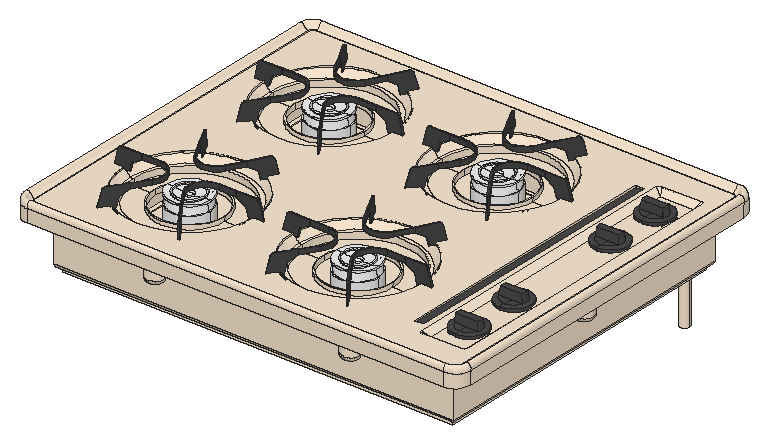
Revit family "QF_Summit_SNL033_Cooktop", category Specialty Equipment, Revit 2020
Family settings
  Round Connector Dimension = Use Diameter
  Part Type = Normal
  Work Plane-Based = No
  Always vertical = Yes
  Cut with Voids When Loaded = No
  Shared = No
  Room Calculation Point = No
Parameters
  Weight in Pounds = 27
  Watts = 0 W
  Volts = 115 V
  URL Cutsheet = ""
  Specification by User = ""
  Specification by Manufacturer = ""
  Serial Number = ""
  Seismic Rating = ""
  SMACNA No = ""
  Revision Code = ""
  Plumbing Remarks = ""
  Plumbing Connection Type = ""
  Phase = 1
  Number of Poles = 1
  NAFEM Spec ID Number = ""
  Model = "SNL033"
  Min Ckt Ampacity = 0 A
  Max Overcurrent Protection = 0 A
  Masterspec = ""
  Manufacturer = "Summit"
  Length = 24"
  Item Number = ""
  Installed By = ""
  Identify Quantity as Lot = yes
  Height = 3 3/4"
  HP = ""
  Gas Size = 0"
  Gas RI Height = 0"
  Gas KW = 0
  Gas Input = 9000.0 Btu/h
  Gas Connection Height = 0"
  Furnished By = ""
  Foodservice Equipment Identifier = yes
  FL Amps = 0 A
  Electrical Remarks = ""
  Elec Conn RI Height = 0"
  Elec Conn Connection Height = 0"
  Description = "Cooktop"
  Depth = 20"
  Default Elevation = 0"
  Cycle = 60 Hz
  Conn Plug = "3 Prong Cord"
  Conn Conduit = yes
  CSI MasterFormat = ""
  Apparent Power = 0 VA
Reference planes (in)
  plane 1 "BACK": y = 0
  plane 2: z = 0
  plane 3 "LEFT": x = 0
  plane 4 "RIGHT": x = 24
  plane 5 "FRONT": y = -20
  plane 6 "TOP": z = 3.75
  plane 7 "Center Y": x = 12
  plane 8 "Center X": y = -10
  plane 9: z = 2.75
  plane 10: z = 0.25
  plane 11: z = -2.75
Forms (in)
  Sweep 1, solid, material "QF_Plastic_Bisque_Smooth"
    path origin (0, 0, 3.74988) x (-1, 0, 0) y (0, -1, 0)
      loop
        line (-0.0625, 0.8125) -> (-0.0625, 19.1875)
        arc (-0.0625, 19.1875) -> (-0.28217, 19.71783) -> (-0.8125, 19.9375) r 0.75
        line (-0.8125, 19.9375) -> (-23.1875, 19.9375)
        arc (-23.1875, 19.9375) -> (-23.71783, 19.71783) -> (-23.9375, 19.1875) r 0.75
        line (-23.9375, 19.1875) -> (-23.9375, 0.8125)
        arc (-23.9375, 0.8125) -> (-23.71783, 0.28217) -> (-23.1875, 0.0625) r 0.75
        line (-23.1875, 0.0625) -> (-0.8125, 0.0625)
        arc (-0.8125, 0.0625) -> (-0.28217, 0.28217) -> (-0.0625, 0.8125) r 0.75
    profile origin (0.0625, -10, 3.74988) x (1, 0, 0) y (0, 0, 1)
      loop
        line (0.50007, -0.99988) -> (0.50007, -0.24988)
        spline (0.50007, -0.24988) -> (0.38683, -0.22526) -> (0.30986, -0.16677) -> (0.25459, -0.09746) -> (0.20654, -0.0403) -> (0.15715, -0.00897) -> (0.1083, -0.00102) -> (0.06291, -0.01235) -> (0.02367, -0.03905) -> (-0.00886, -0.07917) -> (-0.03532, -0.13183) -> (-0.05489, -0.20201) -> (-0.06266, -0.31115)
        line (-0.06266, -0.31115) -> (-0.06266, -0.99988) -> (0.50007, -0.99988)
  Extrusion 2, solid, material "QF_Plastic_Bisque_Smooth"
    sketch origin (23.1875, -0.5625, 3.24988) x (0, 1, 0) y (1, 0, 0)
      loop
        circle (-4.74127, -17.90956) r 3.49904
      loop
        line (-18.875, 0) -> (-18.875, -22.375)
        arc (-18.875, -22.375) -> (-18.80178, -22.55178) -> (-18.625, -22.625) r 0.25
        line (-18.625, -22.625) -> (-0.25, -22.625)
        arc (-0.25, -22.625) -> (-0.07322, -22.55178) -> (0, -22.375) r 0.25
        line (0, -22.375) -> (0, 0)
        arc (0, 0) -> (-0.07322, 0.17678) -> (-0.25, 0.25) r 0.25
        line (-0.25, 0.25) -> (-18.625, 0.25)
        arc (-18.625, 0.25) -> (-18.80178, 0.17678) -> (-18.875, 0) r 0.25
      loop
        circle (-4.74127, -8.85096) r 3.49904
      loop
        circle (-14.13373, -17.90956) r 3.49904
      loop
        circle (-14.13373, -8.85096) r 3.49904
    from 0.49988 to -0.25012
  Blend 3, void
    base sketch origin (23.18874, -0.56796, 3.54988) x (0, 1, 0) y (-1, 0, 0)
      loop
        arc (-1.25, 2.75) -> (-1.32322, 2.92678) -> (-1.5, 3) r 0.25
        line (-1.5, 3) -> (-17.375, 3)
        arc (-17.375, 3) -> (-17.55178, 2.92678) -> (-17.625, 2.75) r 0.25
        line (-17.625, 2.75) -> (-17.625, 0.5)
        arc (-17.625, 0.5) -> (-17.55178, 0.32322) -> (-17.375, 0.25) r 0.25
        line (-17.375, 0.25) -> (-1.5, 0.25)
        arc (-1.5, 0.25) -> (-1.32322, 0.32322) -> (-1.25, 0.5) r 0.25
        line (-1.25, 0.5) -> (-1.25, 2.75)
    top sketch origin (23.18874, -0.56796, 3.54988) x (0, 1, 0) y (-1, 0, 0)
      loop
        line (-1.71875, 2.53125) -> (-17.15625, 2.53125) -> (-17.15625, 0.71875) -> (-1.71875, 0.71875) -> (-1.71875, 2.53125)
    from 0.0625 to -0.31152
  Extrusion 4, void
    sketch origin (23.18874, -0.56796, 3.54988) x (0, 1, 0) y (-1, 0, 0)
      loop
        arc (-2, 3.5625) -> (-2.01831, 3.60669) -> (-2.0625, 3.625) r 0.0625
        line (-2.0625, 3.625) -> (-16.8125, 3.625)
        arc (-16.8125, 3.625) -> (-16.85669, 3.60669) -> (-16.875, 3.5625) r 0.0625
        line (-16.875, 3.5625) -> (-16.875, 3.1875)
        arc (-16.875, 3.1875) -> (-16.85669, 3.14331) -> (-16.8125, 3.125) r 0.0625
        line (-16.8125, 3.125) -> (-2.0625, 3.125)
        arc (-2.0625, 3.125) -> (-2.01831, 3.14331) -> (-2, 3.1875) r 0.0625
        line (-2, 3.1875) -> (-2, 3.5625)
    from 0.0625 to -0.125
  Revolve 5, solid, material "QF_Plastic_Black_Smooth"
    sketch origin (21.56528, -3, 0.23835) x (0, 1, 0) y (0, 0, 1)
      loop
        line (-0.75736, 3) -> (-0.50736, 3) -> (-0.50736, 3.07947) -> (0.15671, 3.07947) -> (0.15671, 3.2014)
        arc (0.15671, 3.2014) -> (0.03405, 3.23774) -> (-0.09329, 3.25) r 0.66737
        line (-0.09329, 3.25) -> (-0.75736, 3.25) -> (-0.75736, 3)
      axis (-0.75736, 3.25) -> (-0.75736, 3)
    angle from 0 to 360
  Blend 6, solid, material "QF_Plastic_Black_Smooth"
    base sketch origin (0, -3, 3.98835) x (-1, 0, 0) y (0, -1, 0)
      loop
        arc (-20.9318, 0.55812) -> (-20.90121, 0.75736) -> (-20.9318, 0.95659) r 0.66406
        line (-20.9318, 0.95659) -> (-22.19875, 0.95659)
        arc (-22.19875, 0.95659) -> (-22.22934, 0.75736) -> (-22.19875, 0.55812) r 0.66406
        line (-22.19875, 0.55812) -> (-20.9318, 0.55812)
    top sketch origin (0, -3, 3.98835) x (-1, 0, 0) y (0, -1, 0)
      loop
        arc (-20.98589, 0.57514) -> (-20.95791, 0.75736) -> (-20.98589, 0.93958) r 0.60736
        line (-20.98589, 0.93958) -> (-22.14466, 0.93958)
        arc (-22.14466, 0.93958) -> (-22.17264, 0.75736) -> (-22.14466, 0.57514) r 0.60736
        line (-22.14466, 0.57514) -> (-20.98589, 0.57514)
    from -0.5 to -0.05271
  Revolve 7, solid, material "QF_Plastic_Black_Smooth", not visible
    sketch origin (21.56528, -3, 0) x (0, 1, 0) y (0, 0, 1)
      loop
        line (-0.75736, 3) -> (-0.50736, 3) -> (-0.50736, 3.07947) -> (0.15671, 3.07947) -> (0.15671, 3.2014)
        arc (0.15671, 3.2014) -> (0.03405, 3.23774) -> (-0.09329, 3.25) r 0.66737
        line (-0.09329, 3.25) -> (-0.75736, 3.25) -> (-0.75736, 3)
      axis (-0.75736, 3.25) -> (-0.75736, 3)
    angle from 0 to 360
  Blend 8, solid, material "QF_Plastic_Black_Smooth", not visible
    base sketch origin (0, -3, 3.75) x (-1, 0, 0) y (0, -1, 0)
      loop
        arc (-20.9318, 0.55812) -> (-20.90121, 0.75736) -> (-20.9318, 0.95659) r 0.66406
        line (-20.9318, 0.95659) -> (-22.19875, 0.95659)
        arc (-22.19875, 0.95659) -> (-22.22934, 0.75736) -> (-22.19875, 0.55812) r 0.66406
        line (-22.19875, 0.55812) -> (-20.9318, 0.55812)
    top sketch origin (0, -3, 3.75) x (-1, 0, 0) y (0, -1, 0)
      loop
        arc (-20.98589, 0.57514) -> (-20.95791, 0.75736) -> (-20.98589, 0.93958) r 0.60736
        line (-20.98589, 0.93958) -> (-22.14466, 0.93958)
        arc (-22.14466, 0.93958) -> (-22.17264, 0.75736) -> (-22.14466, 0.57514) r 0.60736
        line (-22.14466, 0.57514) -> (-20.98589, 0.57514)
    from -0.5 to -0.05271
  Revolve 9, solid, material "QF_Plastic_Black_Smooth"
    sketch origin (21.56309, -3.00158, 0.23835) x (0, 1, 0) y (0, 0, 1)
      loop
        line (-3.75736, 3) -> (-3.50736, 3) -> (-3.50736, 3.07947) -> (-2.84329, 3.07947) -> (-2.84329, 3.2014)
        arc (-2.84329, 3.2014) -> (-2.96595, 3.23774) -> (-3.09329, 3.25) r 0.66737
        line (-3.09329, 3.25) -> (-3.75736, 3.25) -> (-3.75736, 3)
      axis (-3.75736, 3.25) -> (-3.75736, 3)
    angle from 0 to 360
  Blend 10, solid, material "QF_Plastic_Black_Smooth"
    base sketch origin (-0.00218, -3.00158, 3.98835) x (-1, 0, 0) y (0, -1, 0)
      loop
        arc (-20.9318, 3.55812) -> (-20.90121, 3.75736) -> (-20.9318, 3.95659) r 0.66406
        line (-20.9318, 3.95659) -> (-22.19875, 3.95659)
        arc (-22.19875, 3.95659) -> (-22.22934, 3.75736) -> (-22.19875, 3.55812) r 0.66406
        line (-22.19875, 3.55812) -> (-20.9318, 3.55812)
    top sketch origin (-0.00218, -3.00158, 3.98835) x (-1, 0, 0) y (0, -1, 0)
      loop
        arc (-20.98589, 3.57514) -> (-20.95791, 3.75736) -> (-20.98589, 3.93958) r 0.60736
        line (-20.98589, 3.93958) -> (-22.14466, 3.93958)
        arc (-22.14466, 3.93958) -> (-22.17264, 3.75736) -> (-22.14466, 3.57514) r 0.60736
        line (-22.14466, 3.57514) -> (-20.98589, 3.57514)
    from -0.5 to -0.05271
  Revolve 11, solid, material "QF_Plastic_Black_Smooth"
    sketch origin (21.56309, -6.00158, 0.23835) x (0, 1, 0) y (0, 0, 1)
      loop
        line (-10.24264, 3) -> (-10.24264, 3.25) -> (-10.90671, 3.25)
        arc (-10.90671, 3.25) -> (-11.03405, 3.23774) -> (-11.15671, 3.2014) r 0.66737
        line (-11.15671, 3.2014) -> (-11.15671, 3.07947) -> (-10.49264, 3.07947) -> (-10.49264, 3) -> (-10.24264, 3)
      axis (-10.24264, 3.25) -> (-10.24264, 3)
    angle from 0 to 360
  Blend 12, solid, material "QF_Plastic_Black_Smooth"
    base sketch origin (-0.00218, -6.00158, 3.98835) x (-1, 0, 0) y (0, -1, 0)
      loop
        line (-20.9318, 10.44188) -> (-22.19875, 10.44188)
        arc (-22.19875, 10.44188) -> (-22.22934, 10.24264) -> (-22.19875, 10.04341) r 0.66406
        line (-22.19875, 10.04341) -> (-20.9318, 10.04341)
        arc (-20.9318, 10.04341) -> (-20.90121, 10.24264) -> (-20.9318, 10.44188) r 0.66406
    top sketch origin (-0.00218, -6.00158, 3.98835) x (-1, 0, 0) y (0, -1, 0)
      loop
        line (-20.98589, 10.42486) -> (-22.14466, 10.42486)
        arc (-22.14466, 10.42486) -> (-22.17264, 10.24264) -> (-22.14466, 10.06042) r 0.60736
        line (-22.14466, 10.06042) -> (-20.98589, 10.06042)
        arc (-20.98589, 10.06042) -> (-20.95791, 10.24264) -> (-20.98589, 10.42486) r 0.60736
    from -0.5 to -0.05271
  Revolve 13, solid, material "QF_Plastic_Black_Smooth"
    sketch origin (21.56309, -3.00158, 0.23835) x (0, 1, 0) y (0, 0, 1)
      loop
        line (-10.24264, 3) -> (-10.24264, 3.25) -> (-10.90671, 3.25)
        arc (-10.90671, 3.25) -> (-11.03405, 3.23774) -> (-11.15671, 3.2014) r 0.66737
        line (-11.15671, 3.2014) -> (-11.15671, 3.07947) -> (-10.49264, 3.07947) -> (-10.49264, 3) -> (-10.24264, 3)
      axis (-10.24264, 3.25) -> (-10.24264, 3)
    angle from 0 to 360
  Blend 14, solid, material "QF_Plastic_Black_Smooth"
    base sketch origin (-0.00218, -3.00158, 3.98835) x (-1, 0, 0) y (0, -1, 0)
      loop
        line (-20.9318, 10.44188) -> (-22.19875, 10.44188)
        arc (-22.19875, 10.44188) -> (-22.22934, 10.24264) -> (-22.19875, 10.04341) r 0.66406
        line (-22.19875, 10.04341) -> (-20.9318, 10.04341)
        arc (-20.9318, 10.04341) -> (-20.90121, 10.24264) -> (-20.9318, 10.44188) r 0.66406
    top sketch origin (-0.00218, -3.00158, 3.98835) x (-1, 0, 0) y (0, -1, 0)
      loop
        line (-20.98589, 10.42486) -> (-22.14466, 10.42486)
        arc (-22.14466, 10.42486) -> (-22.17264, 10.24264) -> (-22.14466, 10.06042) r 0.60736
        line (-22.14466, 10.06042) -> (-20.98589, 10.06042)
        arc (-20.98589, 10.06042) -> (-20.95791, 10.24264) -> (-20.98589, 10.42486) r 0.60736
    from -0.5 to -0.05271
  Revolve 15, solid, material "QF_Plastic_Black_Smooth", not visible
    sketch origin (21.56528, -20.00316, 0) x (0, 1, 0) y (0, 0, 1)
      loop
        line (16.2458, 3) -> (16.4958, 3) -> (16.4958, 3.07947) -> (17.15986, 3.07947) -> (17.15986, 3.2014)
        arc (17.15986, 3.2014) -> (17.0372, 3.23774) -> (16.90986, 3.25) r 0.66737
        line (16.90986, 3.25) -> (16.2458, 3.25) -> (16.2458, 3)
      axis (16.2458, 3.25) -> (16.2458, 3)
    angle from 0 to 360
  Blend 16, solid, material "QF_Plastic_Black_Smooth", not visible
    base sketch origin (0, -20.00316, 3.75) x (-1, 0, 0) y (0, -1, 0)
      loop
        arc (-20.9318, -16.44503) -> (-20.90121, -16.2458) -> (-20.9318, -16.04657) r 0.66406
        line (-20.9318, -16.04657) -> (-22.19875, -16.04657)
        arc (-22.19875, -16.04657) -> (-22.22934, -16.2458) -> (-22.19875, -16.44503) r 0.66406
        line (-22.19875, -16.44503) -> (-20.9318, -16.44503)
    top sketch origin (0, -20.00316, 3.75) x (-1, 0, 0) y (0, -1, 0)
      loop
        arc (-20.98589, -16.42802) -> (-20.95791, -16.2458) -> (-20.98589, -16.06358) r 0.60736
        line (-20.98589, -16.06358) -> (-22.14466, -16.06358)
        arc (-22.14466, -16.06358) -> (-22.17264, -16.2458) -> (-22.14466, -16.42802) r 0.60736
        line (-22.14466, -16.42802) -> (-20.98589, -16.42802)
    from -0.5 to -0.05271
  Extrusion 17, solid, material "QF_Plastic_Bisque_Smooth"
    sketch origin (9.68847, 8.08075, 0) x (-1, 0, 0) y (0, 1, 0)
      loop
        circle (-12, -10) r 0.25
    from -0.25 to 2.75
  Sweep 18, solid, material "QF_Plastic_Bisque_Smooth"
    path origin (0, 0, 0) x (1, 0, 0) y (0, 1, 0)
      loop
        line (22.75, -1.25) -> (1.25, -1.25) -> (1.25, -18.75) -> (22.75, -18.75) -> (22.75, -1.25)
    profile origin (22.75, -10, 0) x (1, 0, 0) y (0, 0, 1)
      loop
        line (-0.25, 0) -> (-0.25, 0.25) -> (-0.13174, 0.25)
        arc (-0.13174, 0.25) -> (-0.03859, 0.28859) -> (0, 0.38174) r 0.13174
        line (0, 0.38174) -> (0, 2.75) -> (-0.125, 2.75) -> (-0.125, 0.375) -> (-0.375, 0.375) -> (-0.375, 0) -> (-0.25, 0)
  Extrusion 19, solid, material "QF_Plastic_Bisque_Smooth"
    sketch origin (22.375, -1.625, 0.375) x (0, -1, 0) y (1, 0, 0)
      loop
        line (0, -20.75) -> (16.75, -20.75) -> (16.75, 0) -> (0, 0) -> (0, -20.75)
    from 0 to -0.125
  Extrusion 20, solid, material "QF_Plastic_Bisque_Smooth"
    sketch origin (22.375, -1.625, 0.25) x (1, 0, 0) y (0, -1, 0)
      loop
        circle (-1.43653, 0.29425) r 0.25
    from 0 to 0.0625
  Revolve 21, solid, material "QF_Plastic_Bisque_Smooth"
    sketch origin (0, -10, 0) x (1, 0, 0) y (0, 0, 1)
      loop
        line (1.25, 2.75) -> (0.75, 2.75) -> (0.75, 1.75)
        arc (0.75, 1.75) -> (0.8255, 1.58445) -> (1, 1.5329) r 0.21926
        line (1, 1.5329) -> (1.25, 1.5329) -> (1.25, 2.75)
      axis (1.25, 1.5329) -> (1.25, 2.75)
    angle from -90 to 90
  Revolve 22, solid, material "QF_Plastic_Bisque_Smooth"
    sketch origin (24, -10, 0) x (-1, 0, 0) y (0, 0, -1)
      loop
        line (1.25, -2.75) -> (1.25, -1.5329) -> (1, -1.5329)
        arc (1, -1.5329) -> (0.8255, -1.58445) -> (0.75, -1.75) r 0.21926
        line (0.75, -1.75) -> (0.75, -2.75) -> (1.25, -2.75)
      axis (1.25, -1.5329) -> (1.25, -2.75)
    angle from -90 to 90
  Revolve 23, solid, material "QF_Plastic_Bisque_Smooth"
    sketch origin (18.44698, -1.25, 0) x (-1, 0, 0) y (0, 0, -1)
      loop
        line (1.25, -2.75) -> (1.25, -1.5329) -> (1, -1.5329)
        arc (1, -1.5329) -> (0.8255, -1.58445) -> (0.75, -1.75) r 0.21926
        line (0.75, -1.75) -> (0.75, -2.75) -> (1.25, -2.75)
      axis (1.25, -1.5329) -> (1.25, -2.75)
    angle from 0 to 180
  Revolve 24, solid, material "QF_Plastic_Bisque_Smooth"
    sketch origin (7.94698, -1.25, 0) x (-1, 0, 0) y (0, 0, -1)
      loop
        line (1.25, -2.75) -> (1.25, -1.5329) -> (1, -1.5329)
        arc (1, -1.5329) -> (0.8255, -1.58445) -> (0.75, -1.75) r 0.21926
        line (0.75, -1.75) -> (0.75, -2.75) -> (1.25, -2.75)
      axis (1.25, -1.5329) -> (1.25, -2.75)
    angle from 0 to 180
  Revolve 25, solid, material "QF_Plastic_Bisque_Smooth"
    sketch origin (18.44698, -18.75, 0) x (-1, 0, 0) y (0, 0, 1)
      loop
        line (1.25, 2.75) -> (0.75, 2.75) -> (0.75, 1.75)
        arc (0.75, 1.75) -> (0.8255, 1.58445) -> (1, 1.5329) r 0.21926
        line (1, 1.5329) -> (1.25, 1.5329) -> (1.25, 2.75)
      axis (1.25, 1.5329) -> (1.25, 2.75)
    angle from 0 to 180
  Revolve 26, solid, material "QF_Plastic_Bisque_Smooth"
    sketch origin (7.94698, -18.75, 0) x (-1, 0, 0) y (0, 0, 1)
      loop
        line (1.25, 2.75) -> (0.75, 2.75) -> (0.75, 1.75)
        arc (0.75, 1.75) -> (0.8255, 1.58445) -> (1, 1.5329) r 0.21926
        line (1, 1.5329) -> (1.25, 1.5329) -> (1.25, 2.75)
      axis (1.25, 1.5329) -> (1.25, 2.75)
    angle from 0 to 180
Cuts and joins
  Blend 3, Extrusion 4 cuts Extrusion 2
Lines and regions (in)
  symbolic lines
    curve 1: arc (21.56528, -2.84329, 3.98835) -> (20.65121, -3.75736, 3.98835) -> (21.56528, -4.67142, 3.98835) r 0.91406
    curve 2: arc (21.56528, -4.67142, 3.98835) -> (22.47934, -3.75736, 3.98835) -> (21.56528, -2.84329, 3.98835) r 0.91406
    curve 3: line (20.9318, -3.55812, 3.98835) -> (22.19875, -3.55812, 3.98835)
    curve 4: line (22.19875, -3.95659, 3.98835) -> (20.9318, -3.95659, 3.98835)
    curve 5: arc (20.9318, -3.55812, 3.98835) -> (20.90121, -3.75736, 3.98835) -> (20.9318, -3.95659, 3.98835) r 0.66406
    curve 6: arc (22.19875, -3.95659, 3.98835) -> (22.22934, -3.75736, 3.98835) -> (22.19875, -3.55812, 3.98835) r 0.66406
    curve 13: arc (21.56309, -5.84487, 3.98835) -> (20.64903, -6.75893, 3.98835) -> (21.56309, -7.673, 3.98835) r 0.91406
    curve 14: arc (21.56309, -7.673, 3.98835) -> (22.47716, -6.75893, 3.98835) -> (21.56309, -5.84487, 3.98835) r 0.91406
    curve 15: line (20.92962, -6.5597, 3.98835) -> (22.19657, -6.5597, 3.98835)
    curve 16: line (22.19657, -6.95817, 3.98835) -> (20.92962, -6.95817, 3.98835)
    curve 17: arc (20.92962, -6.5597, 3.98835) -> (20.89903, -6.75893, 3.98835) -> (20.92962, -6.95817, 3.98835) r 0.66406
    curve 18: arc (22.19657, -6.95817, 3.98835) -> (22.22716, -6.75893, 3.98835) -> (22.19657, -6.5597, 3.98835) r 0.66406
    curve 19: arc (21.56309, -17.15828, 3.98835) -> (20.64903, -16.24422, 3.98835) -> (21.56309, -15.33016, 3.98835) r 0.91406
    curve 20: arc (21.56309, -15.33016, 3.98835) -> (22.47716, -16.24422, 3.98835) -> (21.56309, -17.15828, 3.98835) r 0.91406
    curve 21: line (20.92962, -16.44345, 3.98835) -> (22.19657, -16.44345, 3.98835)
    curve 22: line (22.19657, -16.04499, 3.98835) -> (20.92962, -16.04499, 3.98835)
    curve 23: arc (20.92962, -16.44345, 3.98835) -> (20.89903, -16.24422, 3.98835) -> (20.92962, -16.04499, 3.98835) r 0.66406
    curve 24: arc (22.19657, -16.04499, 3.98835) -> (22.22716, -16.24422, 3.98835) -> (22.19657, -16.44345, 3.98835) r 0.66406
    curve 25: arc (21.56309, -14.15828, 3.98835) -> (20.64903, -13.24422, 3.98835) -> (21.56309, -12.33016, 3.98835) r 0.91406
    curve 26: arc (21.56309, -12.33016, 3.98835) -> (22.47716, -13.24422, 3.98835) -> (21.56309, -14.15828, 3.98835) r 0.91406
    curve 27: line (20.92962, -13.44345, 3.98835) -> (22.19657, -13.44345, 3.98835)
    curve 28: line (22.19657, -13.04499, 3.98835) -> (20.92962, -13.04499, 3.98835)
    curve 29: arc (20.92962, -13.44345, 3.98835) -> (20.89903, -13.24422, 3.98835) -> (20.92962, -13.04499, 3.98835) r 0.66406
    curve 30: arc (22.19657, -13.04499, 3.98835) -> (22.22716, -13.24422, 3.98835) -> (22.19657, -13.44345, 3.98835) r 0.66406
    curve 37: line (0.5625, -0.8125, 0) -> (0.5625, -19.1875, 0)
    curve 38: line (23.1875, -0.5625, 0) -> (0.8125, -0.5625, 0)
    curve 39: arc (0.5625, -0.8125, 0) -> (0.63572, -0.63572, 0) -> (0.8125, -0.5625, 0) r 0.25
    curve 40: arc (23.1875, -0.5625, 0) -> (23.36428, -0.63572, 0) -> (23.4375, -0.8125, 0) r 0.25
    curve 41: line (23.4375, -19.1875, 0) -> (23.4375, -0.8125, 0)
    curve 42: line (22.46999, -2.28671, 0) -> (20.65749, -2.28671, 0)
    curve 43: line (20.65749, -2.28671, 0) -> (20.65749, -17.72421, 0)
    curve 44: line (20.65749, -17.72421, 0) -> (22.46999, -17.72421, 0)
    curve 45: line (22.46999, -17.72421, 0) -> (22.46999, -2.28671, 0)
    curve 46: line (20.50446, -1.9588, 0) -> (22.62302, -1.9588, 0)
    curve 47: arc (22.62302, -1.9588, 0) -> (22.74668, -2.01002, 0) -> (22.7979, -2.13368, 0) r 0.17489
    curve 48: line (22.7979, -2.13368, 0) -> (22.7979, -17.87723, 0)
    curve 49: arc (22.7979, -17.87723, 0) -> (22.74668, -18.0009, 0) -> (22.62302, -18.05212, 0) r 0.17489
    curve 50: line (22.62302, -18.05212, 0) -> (20.50446, -18.05212, 0)
    curve 51: arc (20.50446, -18.05212, 0) -> (20.3808, -18.0009, 0) -> (20.32958, -17.87723, 0) r 0.17489
    curve 52: line (20.32958, -17.87723, 0) -> (20.32958, -2.13368, 0)
    curve 53: arc (20.32958, -2.13368, 0) -> (20.3808, -2.01002, 0) -> (20.50446, -1.9588, 0) r 0.17489
    curve 54: line (19.56374, -17.38046, 0) -> (19.56374, -2.63046, 0)
    curve 55: arc (19.56374, -2.63046, 0) -> (19.58205, -2.58626, 0) -> (19.62624, -2.56796, 0) r 0.0625
    curve 56: line (19.62624, -2.56796, 0) -> (20.00124, -2.56796, 0)
    curve 57: arc (20.00124, -2.56796, 0) -> (20.04543, -2.58626, 0) -> (20.06374, -2.63046, 0) r 0.0625
    curve 58: line (20.06374, -2.63046, 0) -> (20.06374, -17.38046, 0)
    curve 59: arc (20.06374, -17.38046, 0) -> (20.04543, -17.42465, 0) -> (20.00124, -17.44296, 0) r 0.0625
    curve 60: line (20.00124, -17.44296, 0) -> (19.62624, -17.44296, 0)
    curve 61: arc (19.62624, -17.44296, 0) -> (19.58205, -17.42465, 0) -> (19.56374, -17.38046, 0) r 0.0625
    curve 62: line (0.8125, -19.4375, 0) -> (23.1875, -19.4375, 0)
    curve 63: arc (23.4375, -19.1875, 0) -> (23.36428, -19.36428, 0) -> (23.1875, -19.4375, 0) r 0.25
    curve 64: arc (0.8125, -19.4375, 0) -> (0.63572, -19.36428, 0) -> (0.5625, -19.1875, 0) r 0.25
    curve 65: line (-0.00016, -19.1875, 0) -> (-0.00016, -0.8125, 0)
    curve 66: arc (-0.00016, -0.8125, 0) -> (0.23786, -0.23786, 0) -> (0.8125, 0.00016, 0) r 0.81266
    curve 67: line (0.8125, 0.00016, 0) -> (23.1875, 0.00016, 0)
    curve 68: arc (23.1875, 0.00016, 0) -> (23.76214, -0.23786, 0) -> (24.00016, -0.8125, 0) r 0.81266
    curve 69: line (24.00016, -0.8125, 0) -> (24.00016, -19.1875, 0)
    curve 70: arc (24.00016, -19.1875, 0) -> (23.76214, -19.76214, 0) -> (23.1875, -20.00016, 0) r 0.81266
    curve 71: line (23.1875, -20.00016, 0) -> (0.8125, -20.00016, 0)
    curve 72: arc (0.8125, -20.00016, 0) -> (0.23786, -19.76214, 0) -> (-0.00016, -19.1875, 0) r 0.81266
  symbolic lines, not visible
    curve 7: arc (21.56528, -2.84329, 3.75) -> (20.65121, -3.75736, 3.75) -> (21.56528, -4.67142, 3.75) r 0.91406
    curve 8: arc (21.56528, -4.67142, 3.75) -> (22.47934, -3.75736, 3.75) -> (21.56528, -2.84329, 3.75) r 0.91406
    curve 9: line (20.9318, -3.55812, 3.75) -> (22.19875, -3.55812, 3.75)
    curve 10: line (22.19875, -3.95659, 3.75) -> (20.9318, -3.95659, 3.75)
    curve 11: arc (20.9318, -3.55812, 3.75) -> (20.90121, -3.75736, 3.75) -> (20.9318, -3.95659, 3.75) r 0.66406
    curve 12: arc (22.19875, -3.95659, 3.75) -> (22.22934, -3.75736, 3.75) -> (22.19875, -3.55812, 3.75) r 0.66406
    curve 31: arc (21.56528, -2.84329, 3.75) -> (20.65121, -3.75736, 3.75) -> (21.56528, -4.67142, 3.75) r 0.91406
    curve 32: arc (21.56528, -4.67142, 3.75) -> (22.47934, -3.75736, 3.75) -> (21.56528, -2.84329, 3.75) r 0.91406
    curve 33: line (20.9318, -3.55812, 3.75) -> (22.19875, -3.55812, 3.75)
    curve 34: line (22.19875, -3.95659, 3.75) -> (20.9318, -3.95659, 3.75)
    curve 35: arc (20.9318, -3.55812, 3.75) -> (20.90121, -3.75736, 3.75) -> (20.9318, -3.95659, 3.75) r 0.66406
    curve 36: arc (22.19875, -3.95659, 3.75) -> (22.22934, -3.75736, 3.75) -> (22.19875, -3.55812, 3.75) r 0.66406
Dimensions and locks (in)
  equal spacing: plane 3 "LEFT", plane 7 "Center Y", plane 4 "RIGHT"
  "Length": plane 3 "LEFT" to plane 4 "RIGHT"
  equal spacing: plane 5 "FRONT", plane 8 "Center X", plane 1 "BACK"
  "Depth": plane 5 "FRONT" to plane 1 "BACK"
  "Height": plane 6 "TOP" to level
  plane 9 to plane 10 = 2 1/2"
  plane 10 to plane 11 = 3"
  plane 6 "TOP" to plane 9 = 1"
  aligned and locked: level to plane 2
Automatic sketch dimensions
  Blend 6 sketch curve to Blend 6 sketch curve = 0.63347"  (x2)
  Blend 6 sketch curve to Blend 6 sketch curve = 51/256"
  Blend 6 sketch curve to Blend 6 sketch curve = 0"  (x10)
  Blend 6 sketch curve to Blend 6 sketch curve = 0.57938"  (x2)
  Blend 6 sketch curve to Blend 6 sketch curve = 0.18222"
  curve 4 to curve 1 = 0.63347"
  curve 3 to curve 1 = 51/256"
  curve 2 to curve 5 = 183/256"
  curve 3 to curve 4 = 0"
  curve 2 to curve 3 = 0.63347"
  curve 2 to curve 5 = 0"  (x4)
  curve 2 to curve 6 = 0"  (x3)
  curve 5 to curve 6 = 0"  (x3)
  curve 1 to curve 2 = 0"  (x2)
  curve 1 to curve 5 = 0"  (x2)
  curve 1 to curve 6 = 0"  (x2)
  Blend 8 sketch curve to Blend 8 sketch curve = 0.63347"  (x2)
  Blend 8 sketch curve to Blend 8 sketch curve = 51/256"
  Blend 8 sketch curve to Blend 8 sketch curve = 0"  (x10)
  Blend 8 sketch curve to Blend 8 sketch curve = 0.57938"  (x2)
  Blend 8 sketch curve to Blend 8 sketch curve = 0.18222"
  curve 10 to curve 7 = 0.63347"
  curve 9 to curve 7 = 51/256"
  curve 8 to curve 11 = 183/256"
  curve 9 to curve 10 = 0"
  curve 8 to curve 9 = 0.63347"
  curve 8 to curve 11 = 0"  (x4)
  curve 8 to curve 12 = 0"  (x3)
  curve 11 to curve 12 = 0"  (x3)
  curve 7 to curve 8 = 0"  (x2)
  curve 7 to curve 11 = 0"  (x2)
  curve 7 to curve 12 = 0"  (x2)
  Revolve 9 sketch curve to Revolve 9 sketch curve = 1/4"  (x2)
  Revolve 9 sketch curve to Revolve 9 sketch curve = 53/128"
  Revolve 9 sketch curve to Revolve 9 sketch curve = 85/128"
  Revolve 9 sketch curve to Revolve 9 sketch curve = 0"
  Revolve 9 sketch curve to Revolve 9 sketch curve = 0.12193"
  Blend 10 sketch curve to Blend 10 sketch curve = 0.63347"  (x2)
  Blend 10 sketch curve to Blend 10 sketch curve = 51/256"
  Blend 10 sketch curve to Blend 10 sketch curve = 0"  (x10)
  Blend 10 sketch curve to Blend 10 sketch curve = 0.57938"  (x2)
  Blend 10 sketch curve to Blend 10 sketch curve = 0.18222"
  Revolve 9 sketch curve to Revolve 9 sketch curve = 0.41737"
  Revolve 9 sketch curve to Revolve 9 sketch curve = 0.07947"
  Revolve 9 sketch curve to Revolve 9 sketch curve = 0.30818"
  Revolve 11 sketch curve to Revolve 11 sketch curve = 1/4"  (x2)
  Revolve 11 sketch curve to Revolve 11 sketch curve = 53/128"
  Revolve 11 sketch curve to Revolve 11 sketch curve = 85/128"
  Revolve 11 sketch curve to Revolve 11 sketch curve = 0"
  Revolve 11 sketch curve to Revolve 11 sketch curve = 0.12193"
  Blend 12 sketch curve to Blend 12 sketch curve = 0.63347"  (x2)
  Blend 12 sketch curve to Blend 12 sketch curve = 51/256"
  Blend 12 sketch curve to Blend 12 sketch curve = 0"  (x10)
  Blend 12 sketch curve to Blend 12 sketch curve = 0.57938"  (x2)
  Blend 12 sketch curve to Blend 12 sketch curve = 0.18222"
  Revolve 11 sketch curve to Revolve 11 sketch curve = 0.41737"
  Revolve 11 sketch curve to Revolve 11 sketch curve = 0.07947"
  Revolve 11 sketch curve to Revolve 11 sketch curve = 0.30818"
  Revolve 13 sketch curve to Revolve 13 sketch curve = 1/4"  (x2)
  Revolve 13 sketch curve to Revolve 13 sketch curve = 53/128"
  Revolve 13 sketch curve to Revolve 13 sketch curve = 85/128"
  Revolve 13 sketch curve to Revolve 13 sketch curve = 0"
  Revolve 13 sketch curve to Revolve 13 sketch curve = 0.12193"
  Blend 14 sketch curve to Blend 14 sketch curve = 0.63347"  (x2)
  Blend 14 sketch curve to Blend 14 sketch curve = 51/256"
  Blend 14 sketch curve to Blend 14 sketch curve = 0"  (x10)
  Blend 14 sketch curve to Blend 14 sketch curve = 0.57938"  (x2)
  Blend 14 sketch curve to Blend 14 sketch curve = 0.18222"
  Revolve 13 sketch curve to Revolve 13 sketch curve = 0.41737"
  Revolve 13 sketch curve to Revolve 13 sketch curve = 0.07947"
  Revolve 13 sketch curve to Revolve 13 sketch curve = 0.30818"
  curve 16 to curve 13 = 0.63347"
  curve 15 to curve 13 = 51/256"
  curve 14 to curve 17 = 183/256"
  curve 15 to curve 16 = 0"
  curve 14 to curve 15 = 0.63347"
  curve 14 to curve 17 = 0"  (x4)
  curve 14 to curve 18 = 0"  (x3)
  curve 17 to curve 18 = 0"  (x3)
  curve 13 to curve 14 = 0"  (x2)
  curve 13 to curve 17 = 0"  (x2)
  curve 13 to curve 18 = 0"  (x2)
  curve 22 to curve 19 = 0.63347"
  curve 19 to curve 21 = 51/256"
  curve 23 to curve 20 = 183/256"
  curve 21 to curve 22 = 0"
  curve 20 to curve 21 = 0.63347"
  curve 20 to curve 23 = 0"  (x4)
  curve 20 to curve 24 = 0"  (x3)
  curve 23 to curve 24 = 0"  (x3)
  curve 19 to curve 20 = 0"  (x2)
  curve 19 to curve 23 = 0"  (x2)
  curve 19 to curve 24 = 0"  (x2)
  curve 28 to curve 25 = 0.63347"
  curve 25 to curve 27 = 51/256"
  curve 29 to curve 26 = 183/256"
  curve 27 to curve 28 = 0"
  curve 26 to curve 27 = 0.63347"
  curve 26 to curve 29 = 0"  (x4)
  curve 26 to curve 30 = 0"  (x3)
  curve 29 to curve 30 = 0"  (x3)
  curve 25 to curve 26 = 0"  (x2)
  curve 25 to curve 29 = 0"  (x2)
  curve 25 to curve 30 = 0"  (x2)
  Revolve 15 sketch curve to Revolve 15 sketch curve = 1/4"  (x2)
  Revolve 15 sketch curve to Revolve 15 sketch curve = 53/128"
  Revolve 15 sketch curve to Revolve 15 sketch curve = 85/128"
  Revolve 15 sketch curve to Revolve 15 sketch curve = 0"
  Revolve 15 sketch curve to Revolve 15 sketch curve = 0.12193"
  Blend 16 sketch curve to Blend 16 sketch curve = 0.63347"  (x2)
  Blend 16 sketch curve to Blend 16 sketch curve = 51/256"
  Blend 16 sketch curve to Blend 16 sketch curve = 0"  (x10)
  Blend 16 sketch curve to Blend 16 sketch curve = 0.57938"  (x2)
  Blend 16 sketch curve to Blend 16 sketch curve = 0.18222"
  Revolve 15 sketch curve to Revolve 15 sketch curve = 0.41737"
  Revolve 15 sketch curve to Revolve 15 sketch curve = 0.07947"
  Revolve 15 sketch curve to Revolve 15 sketch curve = 0.30818"
  curve 34 to curve 31 = 0.63347"
  curve 33 to curve 31 = 51/256"
  curve 32 to curve 35 = 183/256"
  curve 33 to curve 34 = 0"
  curve 32 to curve 33 = 0.63347"
  curve 32 to curve 35 = 0"  (x4)
  curve 32 to curve 36 = 0"  (x3)
  curve 35 to curve 36 = 0"  (x3)
  curve 31 to curve 32 = 0"  (x2)
  curve 31 to curve 35 = 0"  (x2)
  curve 31 to curve 36 = 0"  (x2)
  Revolve 5 sketch curve to Revolve 5 sketch curve = 1/4"  (x2)
  Revolve 5 sketch curve to Revolve 5 sketch curve = 53/128"
  Revolve 5 sketch curve to Revolve 5 sketch curve = 0.41737"
  Revolve 5 sketch curve to Revolve 5 sketch curve = 0.07947"
  Revolve 5 sketch curve to Revolve 5 sketch curve = 0.12193"
  Revolve 5 sketch curve to Revolve 5 sketch curve = 0"  (x2)
  Revolve 5 sketch curve to Revolve 5 sketch curve = 0.30818"
  Revolve 7 sketch curve to Revolve 7 sketch curve = 1/4"  (x2)
  Revolve 7 sketch curve to Revolve 7 sketch curve = 53/128"
  Revolve 7 sketch curve to Revolve 7 sketch curve = 0.41737"
  Revolve 7 sketch curve to Revolve 7 sketch curve = 0.07947"
  Revolve 7 sketch curve to Revolve 7 sketch curve = 0.12193"
  Revolve 7 sketch curve to Revolve 7 sketch curve = 0"  (x2)
  Revolve 7 sketch curve to Revolve 7 sketch curve = 0.30818"
  plane 4 "RIGHT" to Sweep 1 sketch curve = 1/16"
  Sweep 1 sketch curve to Sweep 1 sketch curve = 3/4"
  Sweep 1 sketch curve to plane 5 "FRONT" = 1/16"
  plane 4 "RIGHT" to Sweep 1 sketch curve = 13/16"
  plane 3 "LEFT" to Sweep 1 sketch curve = 13/16"  (x2)
  plane 3 "LEFT" to Sweep 1 sketch curve = 1/16"
  plane 1 "BACK" to Sweep 1 sketch curve = 13/16"
  profile plane to Sweep 1 sketch curve = 0.06266"
  Sweep 1 sketch curve to profile plane = 0.50007"
  Sweep 1 sketch curve to profile plane = 0.99988"
  Sweep 1 sketch curve to profile plane = 0.31115"
  Sweep 1 sketch curve to profile plane = 0.24988"
  Extrusion 2 sketch curve to plane 5 "FRONT" = 9/16"
  Extrusion 2 sketch curve to Extrusion 2 sketch curve = 1/4"  (x3)
  Extrusion 2 sketch curve to plane 8 "Center X" = 4.69623"  (x2)
  plane 7 "Center Y" to Extrusion 2 sketch curve = 2.33654"  (x2)
  plane 8 "Center X" to Extrusion 2 sketch curve = 4.69623"  (x2)
  plane 1 "BACK" to Extrusion 2 sketch curve = 13/16"  (x2)
  plane 4 "RIGHT" to Extrusion 2 sketch curve = 13/16"
  plane 3 "LEFT" to Extrusion 2 sketch curve = 5.27794"  (x2)
  plane 3 "LEFT" to Extrusion 2 sketch curve = 13/16"
  Blend 3 sketch curve to plane 5 "FRONT" = 1.80704"
  Blend 3 sketch curve to Blend 3 sketch curve = 1/4"  (x3)
  plane 4 "RIGHT" to Blend 3 sketch curve = 1.31126"
  plane 1 "BACK" to Blend 3 sketch curve = 2.06796"  (x2)
  Blend 3 sketch curve to Blend 3 sketch curve = 2 1/4"
  Blend 3 sketch curve to plane 5 "FRONT" = 2.27579"
  plane 1 "BACK" to Blend 3 sketch curve = 2.28671"
  plane 4 "RIGHT" to Blend 3 sketch curve = 1.53001"
  Blend 3 sketch curve to Blend 3 sketch curve = 1 13/16"
  Extrusion 4 sketch curve to plane 5 "FRONT" = 2.55704"
  Extrusion 4 sketch curve to Extrusion 4 sketch curve = 1/16"  (x3)
  plane 1 "BACK" to Extrusion 4 sketch curve = 2.63046"
  Extrusion 4 sketch curve to Extrusion 4 sketch curve = 0"
  plane 4 "RIGHT" to Extrusion 4 sketch curve = 3.93626"
  Extrusion 4 sketch curve to Extrusion 4 sketch curve = 3/8"
  plane 4 "RIGHT" to Extrusion 17 sketch curve = 2.31153"
  plane 1 "BACK" to Extrusion 17 sketch curve = 1.91925"
  plane 3 "LEFT" to Sweep 18 sketch curve = 1 1/4"
  plane 4 "RIGHT" to Sweep 18 sketch curve = 1 1/4"
  Sweep 18 sketch curve to plane 5 "FRONT" = 1 1/4"
  plane 1 "BACK" to Sweep 18 sketch curve = 1 1/4"
  Sweep 18 sketch curve to level = 0"
  profile plane to Sweep 18 sketch curve = 0"
  profile plane to Sweep 18 sketch curve = 1/8"
  Sweep 18 sketch curve to Sweep 18 sketch curve = 0.00674"
  profile plane to Sweep 18 sketch curve = 1/4"
  Sweep 18 sketch curve to Sweep 18 sketch curve = 1/8"  (x2)
  level to Sweep 18 sketch curve = 1/4"
  Sweep 18 sketch curve to Sweep 18 sketch curve = 2.36826"
  Extrusion 19 sketch curve to Sweep 18 = 0"  (x4)
  Extrusion 20 sketch curve to Extrusion 20 sketch curve = 0"  (x2)
  Extrusion 19 to Extrusion 20 sketch curve = 0.29425"
  Extrusion 19 to Extrusion 20 sketch curve = 1.43653"
  Extrusion 20 sketch curve to Extrusion 20 sketch curve = 1/4"
  Revolve 21 sketch curve to plane 9 = 0"  (x2)
  plane 3 "LEFT" to Revolve 21 sketch curve = 3/4"
  Revolve 21 sketch curve to Revolve 21 sketch curve = 0.21926"
  Revolve 21 sketch curve to Revolve 21 sketch curve = 0.03074"
  Revolve 21 sketch curve to Revolve 21 sketch curve = 1/4"
  Revolve 21 sketch curve to plane 9 = 1"
  Revolve 21 sketch curve to Revolve 21 sketch curve = 0"
  plane 9 to Revolve 21 sketch curve = 0.41303"
  Revolve 22 sketch curve to plane 9 = 0"  (x2)
  plane 4 "RIGHT" to Revolve 22 sketch curve = 3/4"
  Revolve 22 sketch curve to Revolve 22 sketch curve = 0.21926"
  Revolve 22 sketch curve to Revolve 22 sketch curve = 0.03074"
  Revolve 22 sketch curve to Revolve 22 sketch curve = 1/4"
  Revolve 22 sketch curve to plane 9 = 1"
  Revolve 22 sketch curve to Revolve 22 sketch curve = 0"
  Revolve 22 sketch curve to Revolve 22 sketch curve = 0.41303"
  Revolve 23 sketch curve to plane 9 = 0"  (x2)
  Revolve 23 sketch curve to plane 9 = 1"
  plane 7 "Center Y" to Revolve 23 sketch curve = 5.69698"
  Revolve 23 sketch curve to Revolve 23 sketch curve = 0.21926"
  Revolve 23 sketch curve to Revolve 23 sketch curve = 0.03074"
  Revolve 23 sketch curve to Revolve 23 sketch curve = 1/4"
  Revolve 23 sketch curve to Revolve 23 sketch curve = 0"
  Revolve 23 sketch curve to Revolve 23 sketch curve = 0.41303"
  Revolve 24 sketch curve to plane 9 = 0"  (x2)
  Revolve 24 sketch curve to plane 9 = 1"
  Revolve 24 sketch curve to plane 7 "Center Y" = 4.80302"
  Revolve 24 sketch curve to Revolve 24 sketch curve = 0.21926"
  Revolve 24 sketch curve to Revolve 24 sketch curve = 0.03074"
  Revolve 24 sketch curve to Revolve 24 sketch curve = 1/4"
  Revolve 24 sketch curve to Revolve 24 sketch curve = 0"
  Revolve 24 sketch curve to Revolve 24 sketch curve = 0.41303"
  Revolve 25 sketch curve to plane 9 = 0"  (x2)
  Revolve 25 sketch curve to plane 9 = 1"
  plane 7 "Center Y" to Revolve 25 sketch curve = 5.69698"
  Revolve 25 sketch curve to Revolve 25 sketch curve = 0.21926"
  Revolve 25 sketch curve to Revolve 25 sketch curve = 0.03074"
  Revolve 25 sketch curve to Revolve 25 sketch curve = 1/4"
  Revolve 25 sketch curve to Revolve 25 sketch curve = 0"
  plane 9 to Revolve 25 sketch curve = 0.41303"
  Revolve 26 sketch curve to plane 9 = 0"  (x2)
  Revolve 26 sketch curve to plane 9 = 1"
  Revolve 26 sketch curve to plane 7 "Center Y" = 4.80302"
  Revolve 26 sketch curve to Revolve 26 sketch curve = 0.21926"
  Revolve 26 sketch curve to Revolve 26 sketch curve = 0.03074"
  Revolve 26 sketch curve to Revolve 26 sketch curve = 1/4"
  Revolve 26 sketch curve to Revolve 26 sketch curve = 0"
  plane 9 to Revolve 26 sketch curve = 0.41303"
  curve 39 to curve 66 = 0"  (x2)
  curve 40 to curve 68 = 0"  (x2)
  curve 63 to curve 70 = 0"  (x2)
  curve 64 to curve 72 = 0"
  curve 65 to plane 3 "LEFT" = 0.00016"
  plane 3 "LEFT" to curve 37 = 9/16"
  curve 37 to curve 38 = 1/4"
  curve 64 to curve 64 = 1/4"
  plane 4 "RIGHT" to curve 54 = 4.43626"
  curve 54 to curve 61 = 1/16"
  curve 54 to curve 56 = 1/16"
  curve 60 to curve 60 = 3/8"
  curve 55 to curve 57 = 3/8"
  curve 59 to curve 58 = 1/16"
  curve 56 to curve 52 = 0.32834"
  curve 51 to curve 51 = 0.17489"
  curve 53 to curve 46 = 0.17489"
  curve 51 to curve 43 = 0.15303"
  plane 4 "RIGHT" to curve 44 = 1.53001"
  curve 42 to curve 47 = 0.15303"  (x2)
  curve 44 to curve 50 = 0.15303"
  curve 47 to curve 48 = 0.17489"
  plane 4 "RIGHT" to curve 40 = 13/16"
  plane 5 "FRONT" to curve 71 = 0.00016"
  plane 4 "RIGHT" to curve 71 = 13/16"
  curve 40 to curve 41 = 1/4"
  curve 50 to plane 5 "FRONT" = 1.94788"
  curve 49 to curve 44 = 0.15303"
  curve 52 to curve 60 = 0.43428"
  plane 1 "BACK" to curve 55 = 2.63046"
  curve 57 to curve 43 = 11/32"
  plane 1 "BACK" to curve 68 = 13/16"
  radius of Extrusion 2 sketch curve = 3.49904"  (x4)
  radius of Extrusion 17 sketch curve = 1/4"
Nested families (in)
  nested 1: "Summit_Burner" at (1.52794, -1.55377, 0.18845), type "Summit_Burner"
  nested 2: "Summit_Burner" at (10.58654, -1.55377, 0.18845), type "Summit_Burner"
  nested 3: "Summit_Burner" at (1.52794, -10.94623, 0.18845), type "Summit_Burner"
  nested 4: "Summit_Burner" at (10.58654, -10.94623, 0.18845), type "Summit_Burner"
Connectors (in)
  piping at (21.68847, -1.91925, -2.75), diameter 0.5
    settings: on Extrusion 17, index 1, connector inside diameter 24", connector length 0", flow factor 0, pipe flow 0 GPM, pressure drop 0.00 psi, fitting loss kfactor 0, connector angle 0.00°, fixture units 0, engagement length 0", angle of deflection 0.00°, flow configuration 1, flow direction 1, fitting loss method 0, system type 7, joint type 0, gender type 0, connector reference index -1, connector utility 0, adjustable connector no, is connector primary yes, connector description "Gas Connection"
  electrical at (20.93847, -1.91925, 0.1875), driven by "Volts"
    settings: on Extrusion 20, index 2, voltage 115 V, apparent load 0 VA, apparent load phase1 0 VA, apparent load phase2 0 VA, apparent load phase3 0 VA, power factor 1, load classification "Other", number of poles 1, system type 30, power factor state 1, is connector primary yes, connector utility no, sub classification motor no, connector description "Electrical Connection"
Definition of nested family "Summit_Burner"
  Parameters (values of type "Summit_Burner")
    Model = ""
    Manufacturer = "Summit"
    Length = 7 1/2"
    Height = 3 3/4"
    Description = "Cooktop"
    Depth = 7 1/2"
    Default Elevation = 0"
  Reference planes (in)
    plane 1 "BACK": y = 0
    plane 2: z = 0
    plane 3 "LEFT": x = 0
    plane 4 "RIGHT": x = 7.5
    plane 5 "FRONT": y = -7.5
    plane 6 "TOP": z = 3.75
    plane 7 "Center Y": x = 3.75
    plane 8 "Center X": y = -3.75
  Forms (in)
    Revolve 1, solid
      sketch origin (-1.00614, -3.75, 0) x (1, 0, 0) y (0, 0, 1)
        loop
          spline (4.75614, 3.2974) -> (4.72569, 3.2971) -> (4.69575, 3.29619) -> (4.66685, 3.2947) -> (4.63948, 3.29264) -> (4.6141, 3.29006) -> (4.59115, 3.28699) -> (4.57103, 3.28349) -> (4.55407, 3.27963) -> (4.54057, 3.27546) -> (4.53076, 3.27106) -> (4.52481, 3.2665) -> (4.52281, 3.26186)
          line (4.52281, 3.26186) -> (4.52281, 3.21696)
          arc (4.52281, 3.21696) -> (4.26371, 3.23312) -> (4.00936, 3.28508) r 1.86649
          line (4.00936, 3.28508) -> (4.00936, 3.32514)
          arc (4.00936, 3.32514) -> (3.98019, 3.35431) -> (3.95103, 3.32514) r 0.02917
          line (3.95103, 3.32514) -> (3.95103, 3.28508) -> (3.61868, 3.31928) -> (3.61868, 3.24108) -> (3.76857, 3.21465) -> (3.68998, 2.76893) -> (3.61868, 2.76893) -> (3.61868, 1.8356) -> (4.75614, 1.8356) -> (4.75614, 3.2974)
        loop
          line (1.55611, 2.9044) -> (1.25614, 3.26188) -> (1.25614, 2.50443) -> (2.91868, 2.50443) -> (2.91868, 2.76893) -> (2.86035, 2.76893) -> (2.86035, 2.56277) -> (1.75201, 2.56277) -> (1.75201, 2.9044) -> (1.55611, 2.9044)
        axis (4.75614, 1.8356) -> (4.75614, 3.32514)
      angle from 0 to 360
    Extrusion 2, solid
      sketch origin (0, 0, 3.75) x (-1, 0, 0) y (0, -1, 0)
        loop
          line (-2.5179, 1.48578) -> (-2.46271, 1.51512) -> (-2.90948, 2.35538)
          arc (-2.90948, 2.35538) -> (-3.75, 2.86041) -> (-4.59052, 2.35538) r 0.95194
          line (-4.59052, 2.35538) -> (-5.03729, 1.51512) -> (-4.9821, 1.48578) -> (-4.53533, 2.32603)
          arc (-4.53533, 2.32603) -> (-3.75, 2.79791) -> (-2.96467, 2.32603) r 0.88944
          line (-2.96467, 2.32603) -> (-2.5179, 1.48578)
        loop
          line (-1.21219, 3.78125) -> (-2.16384, 3.78125)
          arc (-2.16384, 3.78125) -> (-2.94917, 4.25312) -> (-2.90122, 5.16806) r 0.88944
          line (-2.90122, 5.16806) -> (-2.35458, 5.97849) -> (-2.40639, 6.01344) -> (-2.95303, 5.20301)
          arc (-2.95303, 5.20301) -> (-3.00435, 4.22378) -> (-2.16384, 3.71875) r 0.95194
          line (-2.16384, 3.71875) -> (-1.21219, 3.71875) -> (-1.21219, 3.78125)
        loop
          line (-6.28781, 3.78125) -> (-6.28781, 3.71875) -> (-5.33616, 3.71875)
          arc (-5.33616, 3.71875) -> (-4.49565, 4.22378) -> (-4.54697, 5.20301) r 0.95194
          line (-4.54697, 5.20301) -> (-5.09361, 6.01344) -> (-5.14542, 5.97849) -> (-4.59878, 5.16806)
          arc (-4.59878, 5.16806) -> (-4.55083, 4.25312) -> (-5.33616, 3.78125) r 0.88944
          line (-5.33616, 3.78125) -> (-6.28781, 3.78125)
      from 0.25 to 0.5
    Extrusion 3, solid
      sketch origin (0, -3.71875, 0) x (-1, 0, 0) y (0, 0, 1)
        loop
          line (-0.20802, 3.31155) -> (0.24994, 3.31155) -> (0.05937, 4.07589)
          arc (0.05937, 4.07589) -> (-0.02208, 4.20131) -> (-0.16348, 4.25) r 0.22968
          line (-0.16348, 4.25) -> (-1.21219, 4.25) -> (-1.21219, 4) -> (-0.67738, 3.69123) -> (-0.55416, 3.19699) -> (-0.30416, 3.19699) -> (-0.20802, 3.31155)
      from 0 to -0.0625
    Extrusion 4, solid
      sketch origin (1.67673, -6.98344, 0) x (-0.559193, -0.829038, 0) y (0, 0, 1)
        loop
          line (-0.20802, 3.31155) -> (0.24994, 3.31155) -> (0.05937, 4.07589)
          arc (0.05937, 4.07589) -> (-0.02208, 4.20131) -> (-0.16348, 4.25) r 0.22968
          line (-0.16348, 4.25) -> (-1.21219, 4.25) -> (-1.21219, 4) -> (-0.67738, 3.69123) -> (-0.55416, 3.19699) -> (-0.30416, 3.19699) -> (-0.20802, 3.31155)
      from 0 to -0.0625
    Extrusion 5, solid
      sketch origin (7.5, -3.71875, 0) x (1, 0, 0) y (0, 0, -1)
        loop
          line (-0.20802, -3.31155) -> (-0.30416, -3.19699) -> (-0.55416, -3.19699) -> (-0.67738, -3.69123) -> (-1.21219, -4) -> (-1.21219, -4.25) -> (-0.16348, -4.25)
          arc (-0.16348, -4.25) -> (-0.02208, -4.20131) -> (0.05937, -4.07589) r 0.22968
          line (0.05937, -4.07589) -> (0.24994, -3.31155) -> (-0.20802, -3.31155)
      from 0 to -0.0625
    Extrusion 6, solid
      sketch origin (5.82327, -6.98344, 0) x (0.559193, -0.829038, 0) y (0, 0, -1)
        loop
          line (-0.20802, -3.31155) -> (-0.30416, -3.19699) -> (-0.55416, -3.19699) -> (-0.67738, -3.69123) -> (-1.21219, -4) -> (-1.21219, -4.25) -> (-0.16348, -4.25)
          arc (-0.16348, -4.25) -> (-0.02208, -4.20131) -> (0.05937, -4.07589) r 0.22968
          line (0.05937, -4.07589) -> (0.24994, -3.31155) -> (-0.20802, -3.31155)
      from 0 to -0.0625
    Extrusion 7, solid
      sketch origin (1.94881, -0.41548, 0) x (-0.469472, 0.882948, 0) y (0, 0, 1)
        loop
          line (-0.20802, 3.31155) -> (0.24994, 3.31155) -> (0.05937, 4.07589)
          arc (0.05937, 4.07589) -> (-0.02208, 4.20131) -> (-0.16348, 4.25) r 0.22968
          line (-0.16348, 4.25) -> (-1.21219, 4.25) -> (-1.21219, 4) -> (-0.67738, 3.69123) -> (-0.55416, 3.19699) -> (-0.30416, 3.19699) -> (-0.20802, 3.31155)
      from 0 to -0.0625
    Extrusion 8, solid
      sketch origin (5.55119, -0.41548, 0) x (0.469472, 0.882948, 0) y (0, 0, -1)
        loop
          line (-0.20802, -3.31155) -> (-0.30416, -3.19699) -> (-0.55416, -3.19699) -> (-0.67738, -3.69123) -> (-1.21219, -4) -> (-1.21219, -4.25) -> (-0.16348, -4.25)
          arc (-0.16348, -4.25) -> (-0.02208, -4.20131) -> (0.05937, -4.07589) r 0.22968
          line (0.05937, -4.07589) -> (0.24994, -3.31155) -> (-0.20802, -3.31155)
      from 0 to -0.0625
  Lines and regions (in)
    symbolic lines
      curve 1: line (0, -7.5, 27) -> (0, -7.5, 26)
      curve 2: circle (3.75, -3.75, 3.75) r 0.80512 normal (0, 0, 1)
      curve 3: circle (3.75, -3.75, 3.75) r 0.74678 normal (0, 0, 1)
      curve 4: circle (3.75, -3.75, 3.75) r 0.23333 normal (0, 0, 1)
      curve 5: line (-0.24994, -3.78125, 3.75) -> (2.16384, -3.78125, 3.75)
      curve 6: line (2.1681, -3.71876, 3.75) -> (-0.24994, -3.71876, 3.75)
      curve 7: line (-0.24994, -3.71876, 3.75) -> (-0.24994, -3.78125, 3.75)
      curve 8: arc (1.92099, -6.73308, 3.75) -> (3.74054, -7.24735, 3.75) -> (5.56205, -6.74006, 3.75) r 3.49978
      curve 9: arc (2.08902, -6.48396, 3.75) -> (3.74048, -6.94686, 3.75) -> (5.39374, -6.49045, 3.75) r 3.19975
      curve 10: arc (2.80998, -5.39281, 3.75) -> (3.73378, -5.63885, 3.75) -> (4.66013, -5.40255, 3.75) r 1.89484
      curve 11: arc (3.11548, -4.69456, 3.75) -> (3.75006, -4.88773, 3.75) -> (4.38451, -4.69416, 3.75) r 1.13775
      curve 12: arc (3.11358, -4.60599, 3.75) -> (3.75009, -4.81648, 3.75) -> (4.38646, -4.60552, 3.75) r 1.06645
      curve 13: arc (2.70583, -3.96546, 3.75) -> (2.82791, -4.28523, 3.75) -> (3.04503, -4.54983, 3.75) r 1.06617
      curve 14: arc (2.62075, -3.90758, 3.75) -> (2.76396, -4.32186, 3.75) -> (3.05307, -4.65132, 3.75) r 1.13848
      curve 15: arc (1.85101, -3.78125, 3.75) -> (2.10293, -4.69369, 3.75) -> (2.76463, -5.37056, 3.75) r 1.89561
      curve 16: arc (0.55022, -3.78125, 3.75) -> (0.95335, -5.30531, 3.75) -> (2.03523, -6.45195, 3.75) r 3.20005
      curve 17: arc (0.25121, -3.78125, 3.75) -> (0.69074, -5.44885, 3.75) -> (1.87327, -6.70414, 3.75) r 3.50004
      curve 18: arc (3.336, -2.76567, 3.75) -> (2.82709, -3.2137, 3.75) -> (2.69076, -3.87789, 3.75) r 1.06729
      curve 19: arc (3.25742, -2.72306, 3.75) -> (2.7652, -3.17872, 3.75) -> (2.61493, -3.83242, 3.75) r 1.13855
      curve 20: arc (4.07713, -2.73557, 3.75) -> (3.74996, -2.6841, 3.75) -> (3.42279, -2.73553, 3.75) r 1.06604
      curve 21: arc (4.16928, -2.69288, 3.75) -> (3.74997, -2.61275, 3.75) -> (3.33065, -2.69285, 3.75) r 1.13737
      curve 22: arc (2.76976, -2.09259, 3.75) -> (2.09515, -2.78438, 3.75) -> (1.84898, -3.71876, 3.75) r 1.89636
      curve 23: arc (4.66187, -2.08805, 3.75) -> (3.74999, -1.8543, 3.75) -> (2.83809, -2.08798, 3.75) r 1.8958
      curve 24: arc (2.17107, -0.96662, 3.75) -> (0.99268, -2.126, 3.75) -> (0.55012, -3.71876, 3.75) r 3.20003
      curve 25: arc (5.27431, -0.93622, 3.75) -> (3.75001, -0.54989, 3.75) -> (2.22573, -0.93629, 3.75) r 3.20003
      curve 26: arc (5.41517, -0.67131, 3.75) -> (3.75001, -0.24988, 3.75) -> (2.08489, -0.67141, 3.75) r 3.5
      curve 27: arc (2.0302, -0.70168, 3.75) -> (0.73555, -1.9715, 3.75) -> (0.25014, -3.71876, 3.75) r 3.5
      curve 28: arc (7.25002, -3.75005, 3.75) -> (6.77237, -1.985, 3.75) -> (5.46979, -0.70171, 3.75) r 3.5
      curve 29: arc (6.95006, -3.75005, 3.75) -> (6.51523, -2.13951, 3.75) -> (5.32891, -0.96665, 3.75) r 3.20003
      curve 30: arc (5.64584, -3.75005, 3.75) -> (5.39712, -2.81134, 3.75) -> (4.71623, -2.11894, 3.75) r 1.8958
      curve 31: arc (4.88188, -3.86551, 3.75) -> (4.74248, -3.19327, 3.75) -> (4.24178, -2.72354, 3.75) r 1.13799
      curve 32: arc (4.80375, -3.91294, 3.75) -> (4.68061, -3.22921, 3.75) -> (4.16245, -2.76642, 3.75) r 1.0664
      curve 33: arc (4.45497, -4.54981, 3.75) -> (4.66215, -4.30196, 3.75) -> (4.78559, -4.00343, 3.75) r 1.06616
      curve 34: arc (4.44699, -4.64889, 3.75) -> (4.72483, -4.33609, 3.75) -> (4.87078, -3.944, 3.75) r 1.13746
      curve 35: arc (4.71999, -5.37886, 3.75) -> (5.38253, -4.71385, 3.75) -> (5.64481, -3.81251, 3.75) r 1.8958
      curve 36: arc (5.44986, -6.46121, 3.75) -> (6.5347, -5.32656, 3.75) -> (6.94939, -3.81251, 3.75) r 3.20003
      curve 37: arc (5.61765, -6.71004, 3.75) -> (6.79962, -5.46744, 3.75) -> (7.24939, -3.81251, 3.75) r 3.5
      curve 38: arc (2.16384, -3.78125, 3.75) -> (2.94917, -4.25312, 3.75) -> (2.90122, -5.16806, 3.75) r 0.88944
      curve 39: arc (2.95303, -5.20301, 3.75) -> (3.00435, -4.22378, 3.75) -> (2.16384, -3.71875, 3.75) r 0.95194
      curve 40: line (2.90122, -5.16806, 3.75) -> (1.53696, -7.19065, 3.75)
      curve 41: line (1.58878, -7.2256, 3.75) -> (2.95303, -5.20301, 3.75)
      curve 42: line (1.53696, -7.19065, 3.75) -> (1.58878, -7.2256, 3.75)
      curve 43: arc (5.33616, -3.71875, 3.75) -> (4.49565, -4.22378, 3.75) -> (4.54697, -5.20301, 3.75) r 0.95194
      curve 44: arc (4.59878, -5.16806, 3.75) -> (4.55083, -4.25312, 3.75) -> (5.33616, -3.78125, 3.75) r 0.88944
      curve 45: line (5.96304, -7.19065, 3.75) -> (4.59878, -5.16806, 3.75)
      curve 46: line (4.54697, -5.20301, 3.75) -> (5.91122, -7.2256, 3.75)
      curve 47: line (7.74994, -3.71875, 3.75) -> (5.33616, -3.71875, 3.75)
      curve 48: line (5.33616, -3.78125, 3.75) -> (7.74994, -3.78125, 3.75)
      curve 49: line (7.74994, -3.78125, 3.75) -> (7.74994, -3.71875, 3.75)
      curve 50: line (5.91122, -7.2256, 3.75) -> (5.96304, -7.19065, 3.75)
      curve 51: arc (2.90948, -2.35538, 3.75) -> (3.75, -2.86041, 3.75) -> (4.59052, -2.35538, 3.75) r 0.95194
      curve 52: arc (4.53533, -2.32603, 3.75) -> (3.75, -2.79791, 3.75) -> (2.96467, -2.32603, 3.75) r 0.88944
      curve 53: line (1.77629, -0.22414, 3.75) -> (2.90948, -2.35538, 3.75)
      curve 54: line (2.96467, -2.32603, 3.75) -> (1.83147, -0.1948, 3.75)
      curve 55: line (5.66853, -0.1948, 3.75) -> (4.53533, -2.32603, 3.75)
      curve 56: line (4.59052, -2.35538, 3.75) -> (5.72371, -0.22414, 3.75)
      curve 57: line (5.72371, -0.22414, 3.75) -> (5.66853, -0.1948, 3.75)
      curve 58: line (1.83147, -0.1948, 3.75) -> (1.77629, -0.22414, 3.75)
  Dimensions and locks (in)
    equal spacing: plane 3 "LEFT", plane 7 "Center Y", plane 4 "RIGHT"
    "Length": plane 3 "LEFT" to plane 4 "RIGHT"
    equal spacing: plane 5 "FRONT", plane 8 "Center X", plane 1 "BACK"
    "Depth": plane 5 "FRONT" to plane 1 "BACK"
    "Height": plane 6 "TOP" to level
    aligned and locked: level to plane 2
  Automatic sketch dimensions
    curve 1 to plane 5 "FRONT" = 0"
    plane 6 "TOP" to curve 1 = 22 1/4"
    curve 1 to curve 1 = 1"
    curve 2 to curve 3 = 0"  (x2)
    curve 2 to curve 4 = 0"
    curve 3 to curve 4 = 0"
    curve 3 to curve 24 = 0"
    curve 4 to curve 13 = 0"
    curve 13 to curve 24 = 0"  (x2)
    curve 13 to curve 27 = 0"  (x2)
    curve 3 to plane 7 "Center Y" = 0"
    curve 4 to plane 8 "Center X" = 0"
    plane 7 "Center Y" to curve 28 = 0"
    curve 29 to curve 28 = 0"
    plane 8 "Center X" to curve 35 = 0"
    plane 7 "Center Y" to curve 35 = 0.00004"
    curve 30 to curve 29 = 0"
    curve 25 to curve 35 = 0.00004"
    curve 26 to curve 25 = 0.00004"  (x2)
    plane 7 "Center Y" to curve 16 = 0.00012"
    plane 7 "Center Y" to curve 18 = 0.00028"
    curve 19 to curve 18 = 0.00017"
    curve 17 to plane 8 "Center X" = 0.0005"
    curve 17 to curve 16 = 0.001"
    curve 33 to plane 8 "Center X" = 0"
    curve 33 to plane 7 "Center Y" = 0"
    curve 33 to curve 34 = 0"  (x2)
    curve 34 to curve 36 = 0"
    curve 36 to curve 37 = 0.00002"
    curve 23 to plane 7 "Center Y" = 0.00008"
    curve 23 to curve 21 = 0"
    curve 21 to curve 20 = 0"
    curve 32 to plane 7 "Center Y" = 0.00009"
    curve 32 to curve 31 = 0.00011"
    curve 12 to plane 8 "Center X" = 0.00003"
    curve 23 to curve 12 = 0.00022"
    plane 8 "Center X" to curve 11 = 0"
    curve 12 to curve 11 = 0"
    plane 8 "Center X" to curve 14 = 0.00028"
    curve 11 to curve 14 = 0.00146"
    curve 14 to curve 8 = 0.00099"
    curve 8 to curve 9 = 0.00049"
    plane 8 "Center X" to curve 15 = 0.00104"
